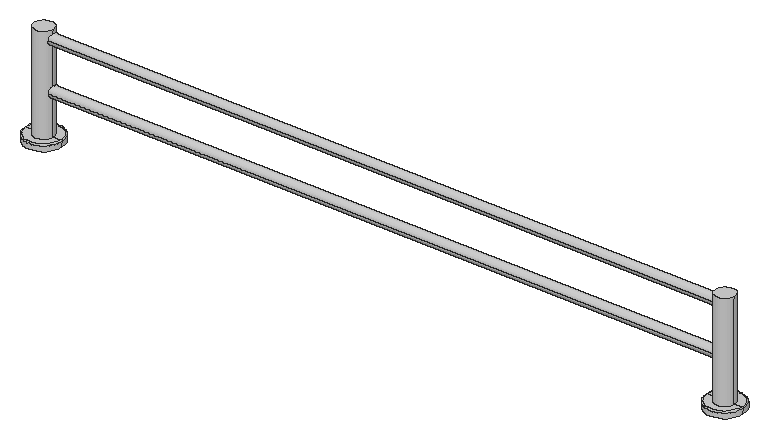
Revit family "LIANO II DOUBLE TOWEL RAIL 840MM", category Specialty Equipment, host Face, Revit 2020
Family settings
  Host = Face
  Round Connector Dimension = Use Radius
  Part Type = Normal
  OmniClass Number = 23.40.20.21.27
  OmniClass Title = Towel Bars
  Cut with Voids When Loaded = No
  Shared = No
  Room Calculation Point = No
Parameters (values of type "LIANO II DOUBLE TOWEL RAIL 840MM - CHROME")
  URL = "https://www.caroma.com.au/"
  Model = "96448C"
  Material_Base = GWA_Metal-Chrome
  Manufacturer = "GWA Bathrooms & Kitchens"  # constant formula
  Description = "LIANO II DOUBLE TOWEL RAIL 840MM - CHROME"
  Default Elevation = 1000.00 mm
  CreatedBy_ANZRS = "GWA Bathrooms & Kitchens"  # constant formula
  Assembly Code = "C1030220"
Types (7, lengths in mm): name | Model | Material_Base | Description
  (no name) | "96448C" | GWA_Metal-Chrome | "LIANO II DOUBLE TOWEL RAIL 840MM - CHROME"
  LIANO II DOUBLE TOWEL RAIL 840MM - CHROME | "96448C" | GWA_Metal-Chrome | "LIANO II DOUBLE TOWEL RAIL 840MM - CHROME"
  LIANO II DOUBLE TOWEL RAIL 840MM - MATTE BLACK | "96448B" | GWA-Metal-Black | "LIANO II DOUBLE TOWEL RAIL 840MM - MATTE BLACK"
  LIANO II DOUBLE TOWEL RAIL 840MM - BRUSHED NICKEL | "96448BN" | GWA_Metal-Brushed-Nickel | "LIANO II DOUBLE TOWEL RAIL 840MM - BRUSHED NICKEL"
  LIANO II DOUBLE TOWEL RAIL 840MM - BRUSHED BRASS | "96448BB" | GWA_Metal-Brushed-Brass | "LIANO II DOUBLE TOWEL RAIL 840MM - BRUSHED BRASS"
  LIANO II DOUBLE TOWEL RAIL 840MM - GUNMETAL | "96448GM" | GWA-Metal-Gunmetal Grey | "LIANO II DOUBLE TOWEL RAIL 840MM - GUNMETAL"
  LIANO II DOUBLE TOWEL RAIL 840MM - BRUSHED BRONZE | "96448BBZ" | GWA_Metal-Brushed-Bronze | "LIANO II DOUBLE TOWEL RAIL 840MM - BRUSHED BRONZE"
Reference planes
  plane 1 "Center (Front/Back)": y = 0
  plane 2: z = 0
  plane 3 "Center (Left/Right)": x = 0
Forms (mm)
  Revolve 1, solid, material "GWA_Metal-Chrome" <- "Material_Base"
    sketch origin (400, 0, 0) x (1, 0, 0) y (0, 0, 1)
      loop
        line (0, 7) -> (0, 0) -> (21.5, 0) -> (21.5, 6)
        arc (21.5, 6) -> (21.207, 6.707) -> (20.5, 7) r 1
        line (20.5, 7) -> (0, 7)
      axis (0, 0) -> (0, 7)
    angle from 0 to 360
  Extrusion 2, solid, material "GWA_Metal-Chrome" <- "Material_Base"
    sketch origin (400, 0, 0) x (1, 0, 0) y (0, 1, 0)
      loop
        circle (0, 0) r 11
    from 0 to 120
  Revolve 3, solid, material "GWA_Metal-Chrome" <- "Material_Base"
    sketch origin (-400, 0, 0) x (1, 0, 0) y (0, 0, 1)
      loop
        line (0, 7) -> (0, 0) -> (21.5, 0) -> (21.5, 6)
        arc (21.5, 6) -> (21.207, 6.707) -> (20.5, 7) r 1
        line (20.5, 7) -> (0, 7)
      axis (0, 0) -> (0, 7)
    angle from 0 to 360
  Extrusion 4, solid, material "GWA_Metal-Chrome" <- "Material_Base"
    sketch origin (-400, 0, 0) x (1, 0, 0) y (0, 1, 0)
      loop
        circle (0, 0) r 11
    from 0 to 120
  Extrusion 5, solid, material "GWA_Metal-Chrome" <- "Material_Base"
    sketch origin (0, 0, -10) x (0, 1, 0) y (0, 0, 1)
      loop
        circle (0, 65) r 6
    from -400 to 400
  Extrusion 6, solid, material "GWA_Metal-Chrome" <- "Material_Base"
    sketch origin (0, 0, 45) x (0, 1, 0) y (0, 0, 1)
      loop
        circle (0, 65) r 6
    from -400 to 400
Cuts and joins
  joined: Revolve 1, Extrusion 2, Revolve 3, Extrusion 4, Extrusion 5, Extrusion 6
Lines and regions (mm)
  Masking region 1
    outline origin (0, 0, 0) x (1, 0, 0) y (0, 1, 0)
      loop
        arc (379.354, -6) -> (421.5, 0) -> (379.354, 6) r 21.5
        line (379.354, 6) -> (-379.354, 6)
        arc (-379.354, 6) -> (-421.5, 0) -> (-379.354, -6) r 21.5
        line (-379.354, -6) -> (379.354, -6)
  Masking region 2
    outline origin (0, 0, 0) x (1, 0, 0) y (0, 0, 1)
      loop
        line (420.5, 7) -> (411, 7) -> (411, 120) -> (389, 120) -> (389, 116) -> (-389, 116) -> (-389, 120) -> (-411, 120) -> (-411, 7) -> (-420.5, 7)
        arc (-420.5, 7) -> (-421.207, 6.707) -> (-421.5, 6) r 1
        line (-421.5, 6) -> (-421.5, 0) -> (-378.5, 0) -> (-378.5, 6)
        arc (-378.5, 6) -> (-378.793, 6.707) -> (-379.5, 7) r 1
        line (-379.5, 7) -> (-389, 7) -> (-389, 49) -> (389, 49) -> (389, 7) -> (379.5, 7)
        arc (379.5, 7) -> (378.793, 6.707) -> (378.5, 6) r 1
        line (378.5, 6) -> (378.5, 0) -> (421.5, 0) -> (421.5, 6)
        arc (421.5, 6) -> (421.207, 6.707) -> (420.5, 7) r 1
      loop
        line (389, 61) -> (389, 104) -> (-389, 104) -> (-389, 61) -> (389, 61)
  Masking region 3
    outline origin (300, 0, 0) x (0, 1, 0) y (0, 0, 1)
      loop
        line (11, 7) -> (11, 120) -> (-11, 120) -> (-11, 7) -> (-20.5, 7)
        arc (-20.5, 7) -> (-21.207, 6.707) -> (-21.5, 6) r 1
        line (-21.5, 6) -> (-21.5, 0) -> (21.5, 0) -> (21.5, 6)
        arc (21.5, 6) -> (21.207, 6.707) -> (20.5, 7) r 1
        line (20.5, 7) -> (11, 7)
  symbolic lines
    curve 1: arc (-379.354, 6, 0) -> (-421.5, 0, 0) -> (-379.354, -6, 0) r 21.5
    curve 2: arc (379.354, -6, 0) -> (421.5, 0, 0) -> (379.354, 6, 0) r 21.5
    curve 3: circle (-400, 0, 0) r 11 normal (0, 0, 1)
    curve 4: circle (400, 0, 0) r 11 normal (0, 0, 1)
    curve 5: line (390.78, 6, 0) -> (-390.78, 6, 0)
    curve 6: line (390.78, -6, 0) -> (-390.78, -6, 0)
    curve 7: line (421.5, 0, 0) -> (421.5, 0, 6)
    curve 8: line (420.5, 0, 7) -> (379.5, 0, 7)
    curve 9: line (378.5, 0, 0) -> (378.5, 0, 6)
    curve 10: line (378.5, 0, 0) -> (421.5, 0, 0)
    curve 11: line (411, 0, 120) -> (389, 0, 120)
    curve 12: line (389, 0, 120) -> (389, 0, 116)
    curve 13: line (411, 0, 120) -> (411, 0, 7)
    curve 14: line (389, 0, 49) -> (-389, 0, 49)
    curve 15: line (389, 0, 61) -> (-389, 0, 61)
    curve 16: arc (421.5, 0, 6) -> (421.207, 0, 6.707) -> (420.5, 0, 7) r 1
    curve 17: arc (379.5, 0, 7) -> (378.793, 0, 6.707) -> (378.5, 0, 6) r 1
    curve 18: arc (389, 0, 61) -> (390.78, 0, 55) -> (389, 0, 49) r 11
    curve 19: line (-421.5, 0, 0) -> (-421.5, 0, 6)
    curve 20: line (-420.5, 0, 7) -> (-379.5, 0, 7)
    curve 21: line (-378.5, 0, 0) -> (-378.5, 0, 6)
    curve 22: line (-378.5, 0, 0) -> (-421.5, 0, 0)
    curve 23: line (-411, 0, 120) -> (-389, 0, 120)
    curve 24: line (-389, 0, 120) -> (-389, 0, 116)
    curve 25: line (-411, 0, 120) -> (-411, 0, 7)
    curve 26: arc (-421.5, 0, 6) -> (-421.207, 0, 6.707) -> (-420.5, 0, 7) r 1
    curve 27: arc (-379.5, 0, 7) -> (-378.793, 0, 6.707) -> (-378.5, 0, 6) r 1
    curve 28: arc (-389, 0, 61) -> (-390.78, 0, 55) -> (-389, 0, 49) r 11
    curve 29: line (389, 0, 49) -> (389, 0, 7)
    curve 30: line (-389, 0, 49) -> (-389, 0, 7)
    curve 31: line (300, -21.5, 0) -> (300, 21.5, 0)
    curve 32: line (300, 21.5, 0) -> (300, 21.5, 6)
    curve 33: line (300, 20.5, 7) -> (300, -20.5, 7)
    curve 34: line (300, -21.5, 6) -> (300, -21.5, 0)
    curve 35: line (300, -11, 120) -> (300, 11, 120)
    curve 36: line (300, 11, 120) -> (300, 11, 7)
    curve 37: line (300, -11, 120) -> (300, -11, 7)
    curve 38: arc (300, -21.5, 6) -> (300, -21.207, 6.707) -> (300, -20.5, 7) r 1
    curve 39: arc (300, 20.5, 7) -> (300, 21.207, 6.707) -> (300, 21.5, 6) r 1
    curve 40: line (389, 0, 104) -> (-389, 0, 104)
    curve 41: line (389, 0, 116) -> (-389, 0, 116)
    curve 42: arc (389, 0, 116) -> (390.78, 0, 110) -> (389, 0, 104) r 11
    curve 43: arc (-389, 0, 116) -> (-390.78, 0, 110) -> (-389, 0, 104) r 11
    curve 44: line (-389, 0, 104) -> (-389, 0, 61)
    curve 45: line (389, 0, 104) -> (389, 0, 61)
Dimensions and locks
  aligned and locked: plane 2 to host face
  aligned and locked: level to host face
